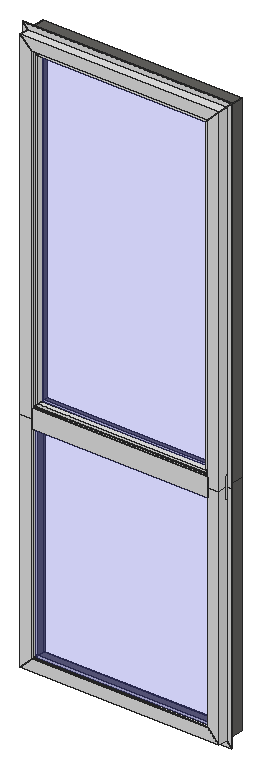
Revit family "511_CA_HR-A_3-875_DBS_Nailfin", category Windows, host Wall, Revit 2019
Family settings
  Host = Wall
  OmniClass Number = 23.30.20.00
  OmniClass Title = Windows
  Always vertical = Yes
  Cut with Voids When Loaded = No
  Shared = No
  Room Calculation Point = No
Parameters (values of type "42x120Max")
  Setback [instance] = 5 3/4"
  Rough Width = 4 1/2"
  Rough Height = 4 1/2"
  MLW4 = 1 / 8 * Width  # 5 1/4"
  MLW3 = 2.811"
  MLW2 = 2 1/2"  # constant formula
  MLW1 = 3.2495"
  MLH = 1 / 2 * Bar Set  # 36"
  MDLW = 20"
  Interior Color [instance] = White
  Height = 120"
  HWB [instance] = no
  HBWidth [instance] = if(HWB, 2", 7" / 16)  # 7/16"
  Exterior Color [instance] = Bronze
  Default Sill Height = 31.49606"
  Wall Closure = By host
  Width = 42"
  Bar Set = 72"
Types (44): name | Setback | MLW4 | MLH | MDLW | Height | Exterior Color | Width | Bar Set
  (no name) | 5 3/4" | 5 1/4" | 36" | 20" | 120" | Bronze | 42" | 72"
  24x48 | 2" | 3" | 18" | 18" | 48" | White | 24" | 36"
  36x60 | 2" | 4 1/2" | 21" | 20" | 60" | White | 36" | 42"
  15.75x31.25Min | 2" | 1 31/32" | 10 1/2" | 20" | 31 1/4" | White | 15 3/4" | 21"
  36x120 | 2" | 4 1/2" | 30" | 20" | 120" | White | 36" | 60"
  24x36 | 2" | 3" | 12" | 18" | 36" | White | 24" | 24"
  24x42 | 2" | 3" | 15" | 18" | 42" | White | 24" | 30"
  24x54 | 2" | 3" | 18" | 18" | 54" | White | 24" | 36"
  24x60 | 2" | 3" | 21" | 18" | 60" | White | 24" | 42"
  24x66 | 2" | 3" | 24" | 18" | 66" | White | 24" | 48"
  24x72 | 2" | 3" | 27" | 18" | 72" | White | 24" | 54"
  24x78 | 2" | 3" | 30" | 18" | 78" | White | 24" | 60"
  30x36 | 2" | 3 3/4" | 12" | 18" | 36" | White | 30" | 24"
  30x42 | 2" | 3 3/4" | 15" | 18" | 42" | White | 30" | 30"
  30x48 | 2" | 3 3/4" | 15" | 18" | 48" | White | 30" | 30"
  30x54 | 2" | 3 3/4" | 18" | 18" | 54" | White | 30" | 36"
  30x60 | 2" | 3 3/4" | 21" | 18" | 60" | White | 30" | 42"
  30x66 | 2" | 3 3/4" | 24" | 18" | 66" | White | 30" | 48"
  30x72 | 2" | 3 3/4" | 27" | 18" | 72" | White | 30" | 54"
  30x78 | 2" | 3 3/4" | 30" | 18" | 78" | White | 30" | 60"
  30x84 | 2" | 3 3/4" | 33" | 18" | 84" | White | 30" | 66"
  30x90 | 2" | 3 3/4" | 36" | 18" | 90" | White | 30" | 72"
  36x42 | 2" | 4 1/2" | 15" | 20" | 42" | White | 36" | 30"
  36x48 | 2" | 4 1/2" | 18" | 20" | 48" | White | 36" | 36"
  36x54 | 2" | 4 1/2" | 21" | 20" | 54" | White | 36" | 42"
  36x66 | 2" | 4 1/2" | 24" | 20" | 66" | White | 36" | 48"
  36x72 | 2" | 4 1/2" | 27" | 20" | 72" | White | 36" | 54"
  36x78 | 2" | 4 1/2" | 30" | 20" | 78" | White | 36" | 60"
  36x84 | 2" | 4 1/2" | 30" | 20" | 84" | White | 36" | 60"
  36x90 | 2" | 4 1/2" | 30" | 20" | 90" | White | 36" | 60"
  36x96 | 2" | 4 1/2" | 30" | 20" | 96" | White | 36" | 60"
  36x102 | 2" | 4 1/2" | 30" | 20" | 102" | White | 36" | 60"
  36x108 | 2" | 4 1/2" | 30" | 20" | 108" | White | 36" | 60"
  36x114 | 2" | 4 1/2" | 30" | 20" | 114" | White | 36" | 60"
  30x96 | 2" | 3 3/4" | 36" | 18" | 96" | White | 30" | 72"
  30x102 | 2" | 3 3/4" | 36" | 18" | 102" | White | 30" | 72"
  24x84 | 2" | 3" | 30" | 18" | 84" | White | 24" | 60"
  24x90 | 2" | 3" | 30" | 18" | 90" | White | 24" | 60"
  18x36 | 2" | 2 1/4" | 12" | 20" | 36" | White | 18" | 24"
  18x42 | 2" | 2 1/4" | 12" | 20" | 42" | White | 18" | 24"
  18x48 | 2" | 2 1/4" | 12" | 20" | 48" | White | 18" | 24"
  18x54 | 2" | 2 1/4" | 15" | 20" | 54" | White | 18" | 30"
  18x60 | 2" | 2 1/4" | 15" | 20" | 60" | White | 18" | 30"
  42x120Max | 5 3/4" | 5 1/4" | 36" | 20" | 120" | Bronze | 42" | 72"
Reference planes (in)
  plane 1 "Center (Front/Back)": y = 0
  plane 2 "Center (Left/Right)": x = 0
  plane 3 "Left": x = -21
  plane 4 "Right": x = 21
  plane 5 "Sill": z = 31.49606
  plane 6 "Head": z = 151.49606
  plane 7 "Exterior": y = 3.93701
  plane 8 "Interior": y = -3.93701
  plane 9 "Front of wall": y = 3.93701
  plane 10 "Bar Set": z = 79.49606
  plane 11: z = 33.55806
  plane 12: z = 89.43645
  plane 13: z = 148.74656
  plane 14: x = -18.938
  plane 15: x = -15.68628
  plane 16: x = 18.2505
  plane 17: x = 18.938
  plane 18 "MLW2": x = 17.7505
  plane 19: x = -18.2505
  plane 20: z = 77.87306
  plane 21: z = 81.80656
  plane 22: x = -17.7505
  plane 23 "Front of glass": y = 4.21901
  plane 24: z = 79.27731
  plane 25: z = 79.71481
  plane 26 "Setback": y = -1.81299
Forms (in)
  Extrusion 1, solid, material "White" <- "Interior Color"
    sketch origin (21, 0, 0) x (0, -1, 0) y (0, 0, 1)
      loop
        line (1.73334, 31.49606) -> (1.73334, 30.37591) -> (1.81299, 30.37591) -> (1.81299, 31.49606) -> (3.84918, 31.49606) -> (3.84918, 33.86083) -> (3.4758, 33.86083) -> (3.4758, 34.04802) -> (3.22638, 34.04802) -> (3.22638, 33.55017) -> (2.48508, 33.55017) -> (2.48508, 34.05136) -> (0.95875, 34.05136) -> (0.95875, 32.14535) -> (-2.12497, 31.92608) -> (-2.12497, 31.49606) -> (1.73334, 31.49606)
    from -1.12015 to 43.12015
  Extrusion 2, solid, material "White" <- "Interior Color"
    sketch origin (21, 0, 0) x (0, -1, 0) y (0, 0, 1)
      loop
        line (1.73463, 151.49606) -> (-2.12368, 151.49606) -> (-2.12368, 151.06604) -> (0.70807, 150.84677) -> (0.70807, 148.88122) -> (0.74792, 148.88122) -> (0.74792, 148.32029) -> (1.52306, 148.32029) -> (1.52306, 148.75668) -> (2.26482, 148.75668) -> (2.26482, 148.25852) -> (3.14906, 148.25852) -> (3.14906, 148.94411) -> (3.47708, 148.94411) -> (3.47708, 149.1313) -> (3.85047, 149.1313) -> (3.85047, 151.49606) -> (1.81299, 151.49606) -> (1.81299, 152.61692) -> (1.73463, 152.61692) -> (1.73463, 151.49606)
    from -1.12086 to 43.12086
  Extrusion 3, solid, material "White" <- "Interior Color"
    sketch origin (0, 0, 79.49606) x (1, 0, 0) y (0, 1, 0)
      loop
        line (21, -1.73463) -> (21, 2.12368) -> (20.56998, 2.12368) -> (20.35071, -0.70807) -> (18.38515, -0.70807) -> (18.38515, -0.74792) -> (17.82423, -0.74792) -> (17.82423, -1.52306) -> (18.26061, -1.52306) -> (18.26061, -2.26482) -> (17.76245, -2.26482) -> (17.76245, -3.14906) -> (18.44804, -3.14906) -> (18.44804, -3.47708) -> (18.63523, -3.47708) -> (18.63523, -3.85047) -> (21, -3.85047) -> (21, -1.81299) -> (22.12086, -1.81299) -> (22.12086, -1.73463) -> (21, -1.73463)
    from 0 to 73.12086
  Extrusion 4, solid, material "White" <- "Interior Color"
    sketch origin (0, 0, 31.49606) x (0, -1, 0) y (1, 0, 0)
      loop
        line (1.73334, -21) -> (1.73334, -22.12015) -> (1.81299, -22.12015) -> (1.81299, -21) -> (3.84918, -21) -> (3.84918, -18.63523) -> (3.4758, -18.63523) -> (3.4758, -18.44804) -> (3.22638, -18.44804) -> (3.22638, -18.94589) -> (2.48508, -18.94589) -> (2.48508, -18.4447) -> (0.95875, -18.4447) -> (0.95875, -20.35071) -> (-2.12497, -20.56998) -> (-2.12497, -21) -> (1.73334, -21)
    from -1.12015 to 48
  Extrusion 5, solid, material "White" <- "Interior Color"
    sketch origin (0, 0, 31.49606) x (0, -1, 0) y (1, 0, 0)
      loop
        line (1.73334, 21) -> (-2.12497, 21) -> (-2.12497, 20.56998) -> (0.95875, 20.35071) -> (0.95875, 18.4447) -> (2.48508, 18.4447) -> (2.48508, 18.94589) -> (3.22638, 18.94589) -> (3.22638, 18.44804) -> (3.4758, 18.44804) -> (3.4758, 18.63523) -> (3.84918, 18.63523) -> (3.84918, 21) -> (1.81299, 21) -> (1.81299, 22.12015) -> (1.73334, 22.12015) -> (1.73334, 21)
    from -1.12015 to 48
  Sweep 6, void
    path in 3D
      loop
        line (16.65964, 3.49338, 151.49606) -> (16.65964, -1.81299, 151.49606)
    profile origin (16.65964, 0.84019, 151.49606) x (1, 0, 0) y (0, 0, 1)
      loop
        line (5.74842, 1.40806) -> (0.58224, 1.40806) -> (0.58224, -3.17577) -> (1.72552, -3.17577) -> (1.72552, -2.61485) -> (5.74842, 1.40806)
  Sweep 7, void
    path in 3D
      loop
        line (16.65964, 3.49338, 151.49606) -> (16.65964, -1.81299, 151.49606)
    profile origin (16.65964, 0.84019, 151.49606) x (1, 0, 0) y (0, 0, 1)
      loop
        line (1.72552, -2.61485) -> (1.72552, -3.72273) -> (5.86891, -3.72273) -> (5.86891, 1.52855) -> (1.72552, -2.61485)
  Sweep 8, void
    path in 3D
      loop
        line (17.89445, 3.13043, 79.49606) -> (17.89445, -1.81299, 79.49606)
    profile origin (17.89445, 0.65872, 79.49606) x (1, 0, 0) y (0, 0, 1)
      loop
        line (-0.96264, 2.7495) -> (-0.96264, -2.12731) -> (2.45626, -2.12731) -> (2.45626, 0.22146) -> (0.49071, 2.18701) -> (0.49071, 2.7495) -> (-0.96264, 2.7495)
  Sweep 9, void
    path in 3D
      loop
        line (-16.10379, 3.00385, 31.49606) -> (-16.10379, -1.81299, 31.49606)
    profile origin (-16.10379, 0.59543, 31.49606) x (1, 0, 0) y (0, 0, 1)
      loop
        line (-6.25297, -1.35676) -> (-1.915, -1.35676) -> (-1.915, 2.5553) -> (-4.24692, 2.5553) -> (-4.24692, 0.64929) -> (-6.25297, -1.35676)
  Sweep 10, void
    path in 3D
      loop
        line (17.14445, 3.35453, 31.49606) -> (17.14445, -1.81299, 31.49606)
    profile origin (17.14445, 0.77077, 31.49606) x (1, 0, 0) y (0, 0, 1)
      loop
        line (0.84583, 2.5553) -> (0.84583, -1.24027) -> (5.09583, -1.24027) -> (3.20626, 0.64929) -> (3.20626, 2.5553) -> (0.84583, 2.5553)
  Sweep 11, void
    path in 3D
      loop
        line (17.14445, 3.35453, 31.49606) -> (17.14445, -1.81299, 31.49606)
    profile origin (17.14445, 0.77077, 31.49606) x (1, 0, 0) y (0, 0, 1)
      loop
        line (3.20626, 3.06535) -> (3.20626, 0.64929) -> (5.40868, -1.55313) -> (5.40868, 3.06535) -> (3.20626, 3.06535)
  Extrusion 12, void
    sketch origin (0, 3.93701, 0) x (1, 0, 0) y (0, 0, 1)
      loop
        line (22.67949, 153.17555) -> (18.63523, 149.1313) -> (18.63523, 148.94411) -> (18.44804, 148.94411) -> (17.42408, 147.92014) -> (22.67949, 147.92014) -> (22.67949, 153.17555)
    from 5.75 to 10.52656
  Extrusion 13, void
    sketch origin (0, 3.93701, 0) x (1, 0, 0) y (0, 0, 1)
      loop
        line (23, 153.49606) -> (17.125, 153.49606) -> (17.125, 147.62106) -> (18.44804, 148.94411) -> (18.63523, 148.94411) -> (18.63523, 149.1313) -> (23, 153.49606)
    from 5.75 to 11.28264
  Extrusion 14, void
    sketch origin (0, 3.93701, 0) x (1, 0, 0) y (0, 0, 1)
      loop
        line (18.63523, 34.25889) -> (18.63523, 33.86083) -> (22.55313, 29.94293) -> (22.55313, 34.25889) -> (18.63523, 34.25889)
    from 9.28346 to 5.75
  Extrusion 15, void
    sketch origin (0, 3.93701, 0) x (1, 0, 0) y (0, 0, 1)
      loop
        line (18.63523, 33.86083) -> (18.63523, 34.04802) -> (17.875, 34.04802) -> (17.875, 29.7824) -> (22.71366, 29.7824) -> (18.63523, 33.86083)
    from 10.42488 to 5.75
  Extrusion 16, void
    sketch origin (0, 3.93701, 0) x (1, 0, 0) y (0, 0, 1)
      loop
        line (-18.00903, 34.04802) -> (-18.63523, 34.04802) -> (-18.63523, 33.86083) -> (-22.35676, 30.13931) -> (-18.00903, 30.13931) -> (-18.00903, 34.04802)
    from 9.9358 to 5.75
  Extrusion 17, solid, material "Glass"
    sketch origin (0, 0, 79.49606) x (1, 0, 0) y (0, 1, 0)
      loop
        line (-18.2505, -1.52306) -> (-18.2505, -2.26482) -> (18.2505, -2.26482) -> (18.2505, -1.52306) -> (-18.2505, -1.52306)
    from 2.3105 to 69.2505
  Extrusion 18, solid, material "Glass"
    sketch origin (0, 0, 31.49606) x (0, -1, 0) y (1, 0, 0)
      loop
        line (2.48508, 18.938) -> (2.48508, -18.938) -> (3.22638, -18.938) -> (3.22638, 18.938) -> (2.48508, 18.938)
    from 2.062 to 46.377
  Extrusion 19, solid, material "White" <- "Interior Color"
    sketch origin (0, 0, 79.49606) x (1, 0, 0) y (0, 1, 0)
      loop
        line (-21, -1.73463) -> (-22.12086, -1.73463) -> (-22.12086, -1.81299) -> (-21, -1.81299) -> (-21, -3.85047) -> (-18.63523, -3.85047) -> (-18.63523, -3.47708) -> (-18.44804, -3.47708) -> (-18.44804, -3.14906) -> (-17.76245, -3.14906) -> (-17.76245, -2.26482) -> (-18.26061, -2.26482) -> (-18.26061, -1.52306) -> (-17.82423, -1.52306) -> (-17.82423, -0.74792) -> (-18.38515, -0.74792) -> (-18.38515, -0.70807) -> (-20.35071, -0.70807) -> (-20.56998, 2.12368) -> (-21, 2.12368) -> (-21, -1.73463)
    from 0 to 73.12086
  Extrusion 20, solid, material "White" <- "Interior Color"
    sketch origin (0, 0, 0) x (0, -1, 0) y (0, 0, 1)
      loop
        line (3.4758, 77.55906) -> (3.84918, 77.55906) -> (3.84918, 81.43306) -> (3.47708, 81.43306) -> (3.47708, 81.62106) -> (3.14906, 81.62106) -> (3.14906, 82.30756) -> (2.26482, 82.30756) -> (2.26482, 81.80656) -> (1.52306, 81.80656) -> (1.52306, 82.24556) -> (0.74792, 82.24556) -> (0.74792, 81.68307) -> (0.70807, 81.68307) -> (0.70807, 79.67544) -> (0.43508, 79.6375) -> (0.43508, 79.35463) -> (0.95875, 79.27731) -> (0.95875, 77.36876) -> (2.48508, 77.36876) -> (2.48508, 77.87306) -> (3.22638, 77.87306) -> (3.22638, 77.36876) -> (3.4758, 77.36876) -> (3.4758, 77.55906)
    from -21 to 21
  Sweep 21, void
    path in 3D
      loop
        line (-16.92648, 3.18799, 151.49606) -> (-16.92648, -1.81299, 151.49606)
    profile origin (-16.92648, 0.6875, 151.49606) x (1, 0, 0) y (0, 0, 1)
      loop
        line (-5.38592, 1.31241) -> (-1.45867, -2.61485) -> (-1.45867, -3.17577) -> (-0.61725, -3.17577) -> (-0.61725, 1.31241) -> (-5.38592, 1.31241)
  Sweep 22, void
    path in 3D
      loop
        line (-16.92648, 3.18799, 151.49606) -> (-16.92648, -1.81299, 151.49606)
    profile origin (-16.92648, 0.6875, 151.49606) x (1, 0, 0) y (0, 0, 1)
      loop
        line (-5.69902, 1.6255) -> (-5.69902, -3.48327) -> (-1.45867, -3.48327) -> (-1.45867, -2.61485) -> (-5.69902, 1.6255)
  Sweep 23, void
    path in 3D
      loop
        line (-15.04638, 2.80906, 79.49606) -> (-15.04638, -1.81299, 79.49606)
    profile origin (-15.04638, 0.49804, 79.49606) x (1, 0, 0) y (0, 0, 1)
      loop
        line (-5.30433, 0.22146) -> (-3.33878, 2.18701) -> (-3.33878, 3.20845) -> (-6.46129, 3.20845) -> (-6.46129, -2.35857) -> (-5.30433, -2.35857) -> (-5.30433, 0.22146)
  Sweep 24, void
    path in 3D
      loop
        line (-15.04638, 2.80906, 79.49606) -> (-15.04638, -1.81299, 79.49606)
    profile origin (-15.04638, 0.49804, 79.49606) x (1, 0, 0) y (0, 0, 1)
      loop
        line (-5.30433, 0.22146) -> (-5.30433, -2.12731) -> (-2.20345, -2.12731) -> (-2.20345, 2.7495) -> (-3.33878, 2.7495) -> (-3.33878, 2.18701) -> (-5.30433, 0.22146)
  Sweep 25, void
    path in 3D
      loop
        line (17.89445, 3.13043, 79.49606) -> (17.89445, -1.81299, 79.49606)
    profile origin (17.89445, 0.65872, 79.49606) x (1, 0, 0) y (0, 0, 1)
      loop
        line (0.49071, 2.18701) -> (2.67553, 0.00219) -> (2.67553, -2.5) -> (4.66806, -2.5) -> (4.66806, 3.43701) -> (0.49071, 3.43701) -> (0.49071, 2.18701)
  Sweep 26, void
    path in 3D
      loop
        line (-16.10379, 3.00385, 31.49606) -> (-16.10379, -1.81299, 31.49606)
    profile origin (-16.10379, 0.59543, 31.49606) x (1, 0, 0) y (0, 0, 1)
      loop
        line (-6.56669, -1.67048) -> (-4.24692, 0.64929) -> (-4.24692, 4.15387) -> (-6.56669, 4.15387) -> (-6.56669, -1.67048)
  Extrusion 27, void
    sketch origin (0, 3.93701, 0) x (1, 0, 0) y (0, 0, 1)
      loop
        line (-18.63523, 34.87612) -> (-23.99123, 34.87612) -> (-23.99123, 28.50483) -> (-18.63523, 33.86083) -> (-18.63523, 34.87612)
    from 9.28346 to 5.75
  Extrusion 28, void
    sketch origin (0, 3.93701, 0) x (1, 0, 0) y (0, 0, 1)
      loop
        line (18.44804, 82.96854) -> (18.44804, 81.62106) -> (18.63523, 81.62106) -> (18.63523, 76.78213) -> (21.875, 76.78213) -> (21.875, 82.96854) -> (18.44804, 82.96854)
    from 9.72786 to 5.98366
  Extrusion 29, void
    sketch origin (0, 3.93701, 0) x (1, 0, 0) y (0, 0, 1)
      loop
        line (17.03638, 77.36876) -> (18.63523, 77.36876) -> (18.63523, 81.62106) -> (17.03638, 81.62106) -> (17.03638, 77.36876)
    from 11.58111 to 5.98366
  Extrusion 30, void
    sketch origin (0, 3.93701, 0) x (1, 0, 0) y (0, 0, 1)
      loop
        line (-18.63523, 81.62106) -> (-18.44804, 81.62106) -> (-17.61469, 82.45442) -> (-21.54638, 82.45442) -> (-21.54638, 76.7948) -> (-18.63523, 76.7948) -> (-18.63523, 81.62106)
    from 9.50727 to 5.97693
  Extrusion 31, void
    sketch origin (0, 3.93701, 0) x (1, 0, 0) y (0, 0, 1)
      loop
        line (-17.125, 77.36876) -> (-17.125, 81.62106) -> (-18.63523, 81.62106) -> (-18.63523, 77.36876) -> (-17.125, 77.36876)
    from 8.2448 to 5.97693
  Extrusion 32, void
    sketch origin (0, 3.93701, 0) x (1, 0, 0) y (0, 0, 1)
      loop
        line (-17.08278, 82.98633) -> (-18.44804, 81.62106) -> (-17.08278, 81.62106) -> (-17.08278, 82.98633)
    from 8.92395 to 5.97693
  Extrusion 33, void
    sketch origin (0, 3.93701, 0) x (1, 0, 0) y (0, 0, 1)
      loop
        line (-18.44804, 148.94411) -> (-16.92648, 147.42255) -> (-16.92648, 153.13663) -> (-22.64057, 153.13663) -> (-18.63523, 149.1313) -> (-18.63523, 148.94411) -> (-18.44804, 148.94411)
    from 5.75 to 9.9503
  Extrusion 34, void
    sketch origin (0, 3.93701, 0) x (1, 0, 0) y (0, 0, 1)
      loop
        line (-22.99016, 153.48622) -> (-22.99016, 147.65879) -> (-17.16273, 147.65879) -> (-18.44804, 148.94411) -> (-18.63523, 148.94411) -> (-18.63523, 149.1313) -> (-22.99016, 153.48622)
    from 11.74159 to 5.75
  Extrusion 35, void
    sketch origin (0, 3.93701, 0) x (1, 0, 0) y (0, 0, 1)
      loop
        line (18.44804, 81.62106) -> (17.22114, 82.84796) -> (17.22114, 81.62106) -> (18.44804, 81.62106)
    from 11.00458 to 5.98366
  Extrusion 36, void
    sketch origin (0, 3.93701, 0) x (1, 0, 0) y (0, 0, 1)
      loop
        line (18.44804, 81.62106) -> (18.63523, 81.62106) -> (18.63523, 82.8585) -> (17.21061, 82.8585) -> (18.44804, 81.62106)
    from 8.21873 to 5.98366
Cuts and joins
  Sweep 6, Sweep 8, Extrusion 13, Extrusion 29, Extrusion 35 cuts Extrusion 3
  Sweep 7, Extrusion 12, Sweep 22, Extrusion 34 cuts Extrusion 2
  Sweep 8, Sweep 10, Extrusion 15, Extrusion 29 cuts Extrusion 5
  Sweep 9, Extrusion 16, Sweep 24, Extrusion 31 cuts Extrusion 4
  Sweep 11, Extrusion 14, Sweep 26, Extrusion 27 cuts Extrusion 1
  Sweep 21, Sweep 24, Extrusion 31, Extrusion 32, Extrusion 33 cuts Extrusion 19
  Sweep 23, Sweep 25, Extrusion 28, Extrusion 30, Extrusion 36 cuts Extrusion 20
Lines and regions (in)
  Opening 1
    outline origin (137.79528, -3.93701, 0) x (1, 0, 0) y (0, 0, 1)
      loop
        line (-116.79528, 31.49606) -> (-116.79528, 151.49606) -> (-158.79528, 151.49606) -> (-158.79528, 31.49606) -> (-116.79528, 31.49606)
  model lines
    curve 1: line (-18.938, 2.51251, 31.49606) -> (0.312, 2.51251, 31.49606)
    curve 2: line (0.312, 2.51251, 31.49606) -> (19.812, 2.51251, 31.49606)
    curve 23: line (17.7505, -1.81299, 82.21481) -> (-17.7505, -1.81299, 115.49606)
    curve 24: line (-17.7505, -1.81299, 115.49606) -> (17.7505, -1.81299, 148.24656)
    curve 29: line (2.5, -1.81299, 57.99606) -> (-2.5, -1.81299, 52.99606)
    curve 30: line (-2.5, -1.81299, 55.49606) -> (0, -1.81299, 57.99606)
    curve 31: line (0, -1.81299, 52.99606) -> (2.5, -1.81299, 55.49606)
  reference lines
    curve 3: line (-16.92648, 3.18799, 151.49606) -> (-16.92648, -1.81299, 151.49606)
    curve 4: line (-16.10379, 3.00385, 31.49606) -> (-16.10379, -1.81299, 31.49606)
    curve 5: line (-15.04638, 2.80906, 79.49606) -> (-15.04638, -1.81299, 79.49606)
    curve 6: line (16.65964, 3.49338, 151.49606) -> (16.65964, -1.81299, 151.49606)
    curve 7: line (17.14445, 3.35453, 31.49606) -> (17.14445, -1.81299, 31.49606)
    curve 8: line (17.89445, 3.13043, 79.49606) -> (17.89445, -1.81299, 79.49606)
    curve 21: line (17.7505, 3.93701, 148.24656) -> (-17.7505, 3.93701, 115.49606)
    curve 22: line (-17.7505, 3.93701, 115.49606) -> (17.7505, 3.93701, 82.21481)
    curve 25: line (2.5, 3.93701, 57.99606) -> (-2.5, 3.93701, 57.99606)
    curve 26: line (2.5, 3.93701, 52.99606) -> (2.5, 3.93701, 57.99606)
    curve 27: line (-2.5, 3.93701, 52.99606) -> (2.5, 3.93701, 52.99606)
    curve 28: line (-2.5, 3.93701, 57.99606) -> (-2.5, 3.93701, 52.99606)
    curve 32: line (0, 3.93701, 52.99606) -> (0, 3.93701, 59.49606)
    curve 33: line (2.5, 3.93701, 55.49606) -> (-1.92499, 3.93701, 55.49606)
    curve 36: line (2.5, 0, 57.99606) -> (-2.5, 0, 57.99606)
    curve 37: line (2.5, 0, 52.99606) -> (2.5, 0, 57.99606)
    curve 38: line (-2.5, 0, 52.99606) -> (2.5, 0, 52.99606)
    curve 39: line (-2.5, 0, 57.99606) -> (-2.5, 0, 52.99606)
    curve 40: line (0, 0, 52.99606) -> (0, 0, 60.49606)
    curve 41: line (2.5, 0, 55.49606) -> (-4.5, 0, 55.49606)
  sketch lines
    curve 9: line (16.65964, 3.49338, 151.49606) -> (16.65964, -1.81299, 151.49606)
    curve 10: line (16.65964, 3.49338, 151.49606) -> (16.65964, -1.81299, 151.49606)
    curve 11: line (17.89445, 3.13043, 79.49606) -> (17.89445, -1.81299, 79.49606)
    curve 12: line (-16.10379, 3.00385, 31.49606) -> (-16.10379, -1.81299, 31.49606)
    curve 13: line (17.14445, 3.35453, 31.49606) -> (17.14445, -1.81299, 31.49606)
    curve 14: line (17.14445, 3.35453, 31.49606) -> (17.14445, -1.81299, 31.49606)
    curve 15: line (-16.92648, 3.18799, 151.49606) -> (-16.92648, -1.81299, 151.49606)
    curve 16: line (-16.92648, 3.18799, 151.49606) -> (-16.92648, -1.81299, 151.49606)
    curve 17: line (-15.04638, 2.80906, 79.49606) -> (-15.04638, -1.81299, 79.49606)
    curve 18: line (-15.04638, 2.80906, 79.49606) -> (-15.04638, -1.81299, 79.49606)
    curve 19: line (17.89445, 3.13043, 79.49606) -> (17.89445, -1.81299, 79.49606)
    curve 20: line (-16.10379, 3.00385, 31.49606) -> (-16.10379, -1.81299, 31.49606)
  symbolic lines
    curve 34: line (17.7505, 3.93701, 148.24656) -> (-17.7505, 3.93701, 115.49606)
    curve 35: line (-17.7505, 3.93701, 115.49606) -> (17.7505, 3.93701, 82.21481)
    curve 42: line (0, 0, 52.99606) -> (2.5, 0, 55.49606)
    curve 43: line (0, 0, 57.99606) -> (-2.5, 0, 55.49606)
    curve 44: line (-2.5, 0, 52.99606) -> (2.5, 0, 57.99606)
Text (in)
  text "EXTERIOR" at (-77.29147, 52.45485, 0), in view "Ref. Level"
  text "INTERIOR" at (-78.01048, -32.21994, 0), in view "Ref. Level"
  text "Exterior" at (0, 36.36817, 115.8778), in view "Right"
  text "Exterior" at (0, 40.96394, 105.72475), in view "Left"
Dimensions and locks (in)
  equal spacing: plane 3 "Left", plane 2 "Center (Left/Right)", plane 4 "Right"
  "Width": plane 3 "Left" to plane 4 "Right"
  "Height": plane 5 "Sill" to plane 6 "Head"
  "Default Sill Height": plane 5 "Sill" to level
  locked: plane 7 "Exterior" to host wall at 0
  locked: plane 8 "Interior" to host wall
  "Bar Set": plane 10 "Bar Set" to plane 6 "Head"
  locked: plane 13 to plane 6 "Head" at 2.7495
  locked: plane 16 to plane 4 "Right" at 2.7495
  locked: plane 3 "Left" to plane 14 at 2.062
  locked: plane 17 to plane 4 "Right" at 2.062
  "MLW1": plane 18 "MLW2" to plane 4 "Right"
  locked: plane 3 "Left" to plane 19 at 2.7495
  "MLW1": plane 3 "Left" to plane 22
  "MLH": plane 10 "Bar Set" to curve 21
  "MLH": curve 22 to plane 6 "Head"
  "MLW1": curve 21 to plane 6 "Head"
  locked: Extrusion 34 sketch curve to plane 3 "Left" at 1.99016
  locked: Extrusion 27 sketch curve to plane 3 "Left" at 2.99123
  locked: plane 23 "Front of glass" to plane 9 "Front of wall" at 0.282
  plane 5 "Sill" to plane 10 "Bar Set" = 48"
  plane 3 "Left" to plane 4 "Right" = 42"
  equal spacing: curve 30, curve 29, curve 31
  locked: curve 26 to curve 28 at 5
  locked: curve 27 to curve 25 at 5
  equal spacing: curve 28, curve 32, curve 26
  equal spacing: curve 27, curve 33, curve 25
  equal spacing: plane 5 "Sill", curve 33, plane 10 "Bar Set"
  equal spacing: plane 3 "Left", curve 32, plane 4 "Right"
  locked: curve 37 to curve 39 at 5
  locked: curve 38 to curve 36 at 5
  equal spacing: curve 39, curve 40, curve 37
  equal spacing: curve 38, curve 41, curve 36
  locked: curve 39 to curve 43 at 2.5
  locked: curve 39 to curve 42 at 2.5
  locked: curve 42 to curve 38 at 2.5
  locked: curve 43 to curve 38 at 2.5
  locked: curve 37 to curve 44 at 5
  equal spacing: plane 10 "Bar Set", curve 41, plane 5 "Sill"
  equal spacing: plane 3 "Left", curve 40, plane 4 "Right"
  equal spacing: plane 24, plane 10 "Bar Set", plane 25
  "HBWidth": plane 24 to plane 25
  locked: plane 20 to plane 24 at 1.40425
  locked: plane 21 to plane 25 at 2.09175
  locked: plane 24 to Extrusion 20 sketch curve at 0.07732
  locked: plane 25 to Extrusion 20 sketch curve at 0.07732
  locked: plane 25 to Extrusion 20 sketch curve at 0.03937
  locked: Extrusion 20 sketch curve to plane 25 at 1.96826
  locked: Extrusion 20 sketch curve to plane 25 at 2.53075
  locked: Extrusion 20 sketch curve to plane 25 at 2.59275
  locked: Extrusion 20 sketch curve to plane 25 at 1.90625
  locked: Extrusion 20 sketch curve to plane 24 at 1.90856  (x2)
  locked: Extrusion 20 sketch curve to plane 24 at 1.71825
  locked: Extrusion 20 sketch curve to plane 25 at 1.71825  (x2)
  locked: plane 4 "Right" to Sweep 25 sketch curve at 1.56251
  locked: Sweep 25 sketch curve to plane 4 "Right" at 2.61485
  locked: Sweep 25 sketch curve to plane 4 "Right" at 0.43002
  locked: plane 25 to Sweep 25 sketch curve at 1.96826
  locked: plane 25 to Sweep 25 sketch curve at 3.21826
  locked: Sweep 25 sketch curve to plane 24 at 2.28125
  locked: Sweep 8 sketch curve to plane 4 "Right" at 4.06819
  locked: Sweep 8 sketch curve to plane 4 "Right" at 2.61485
  locked: Sweep 8 sketch curve to plane 4 "Right" at 0.64929
  locked: plane 3 "Left" to Sweep 24 sketch curve at 3.75017
  locked: plane 3 "Left" to Sweep 24 sketch curve at 2.61485
  locked: plane 25 to Sweep 23 sketch curve at 2.9897
  locked: plane 25 to Sweep 23 sketch curve at 1.96826
  locked: plane 25 to Sweep 23 sketch curve at 0.00271
  locked: Sweep 23 sketch curve to plane 24 at 2.13982
  locked: Sweep 23 sketch curve to plane 3 "Left" at 0.50767
  locked: plane 3 "Left" to Sweep 23 sketch curve at 2.61485
  locked: plane 3 "Left" to Sweep 23 sketch curve at 0.64929
  locked: Extrusion 29 sketch curve to plane 25 at 1.90625
  locked: plane 24 to Extrusion 29 sketch curve at 1.90856
  locked: Extrusion 29 sketch curve to plane 4 "Right" at 2.36477
  locked: Extrusion 28 sketch curve to plane 25 at 3.25373
  locked: plane 24 to Extrusion 28 sketch curve at 2.49519
  locked: Extrusion 28 sketch curve to plane 25 at 1.90625
  locked: Extrusion 30 sketch curve to plane 25 at 2.7396
  locked: Extrusion 30 sketch curve to plane 25 at 1.90625
  locked: plane 24 to Extrusion 30 sketch curve at 2.48251
  locked: Extrusion 30 sketch curve to plane 3 "Left" at 0.54638
  locked: plane 3 "Left" to Extrusion 30 sketch curve at 3.38531
  locked: plane 3 "Left" to Extrusion 30 sketch curve at 2.55196
  locked: plane 3 "Left" to Extrusion 30 sketch curve at 2.36477
  locked: Extrusion 32 sketch curve to plane 25 at 1.90625
  locked: plane 3 "Left" to Extrusion 32 sketch curve at 3.91722  (x2)
  locked: plane 3 "Left" to Extrusion 32 sketch curve at 2.55196
  locked: Extrusion 31 sketch curve to plane 25 at 1.90625
  locked: plane 24 to Extrusion 31 sketch curve at 1.90856
  locked: plane 3 "Left" to Extrusion 31 sketch curve at 3.875
  locked: plane 3 "Left" to Extrusion 31 sketch curve at 2.36477
  Extrusion 29 to curve 22 = 0.88473"
  locked: Extrusion 29 sketch curve to plane 4 "Right" at 3.96362
  locked: Extrusion 28 sketch curve to plane 4 "Right" at 2.55196
  locked: plane 4 "Right" to Extrusion 28 sketch curve at 0.875
  locked: Extrusion 28 sketch curve to plane 4 "Right" at 2.36477
  Extrusion 36 sketch curve to plane 4 "Right" = 2.36477"
  locked: Extrusion 36 sketch curve to plane 4 "Right" at 2.55196
  locked: Extrusion 36 sketch curve to plane 4 "Right" at 3.78939
  locked: Extrusion 36 sketch curve to plane 25 at 1.90625
  locked: Extrusion 36 sketch curve to plane 25 at 3.14369
  Extrusion 35 sketch curve to plane 25 = 1 29/32"
  locked: Extrusion 35 sketch curve to plane 4 "Right" at 2.55196
  locked: Extrusion 35 sketch curve to plane 4 "Right" at 3.77886
  locked: plane 25 to Sweep 8 sketch curve at 2.53075
  locked: plane 25 to Sweep 8 sketch curve at 1.96826
  locked: Sweep 8 sketch curve to plane 24 at 1.90856
  locked: Sweep 24 sketch curve to plane 24 at 1.90856
  locked: plane 25 to Sweep 24 sketch curve at 1.96826
  locked: plane 25 to Sweep 24 sketch curve at 2.53075
  locked: Sweep 25 sketch curve to plane 25 at 0.21656
  "MLW2": plane 25 to curve 22
  "Setback": plane 26 "Setback" to plane 9 "Front of wall"
  locked: Extrusion 3 sketch curve to plane 4 "Right" at 0.43002
  locked: Extrusion 3 sketch curve to plane 4 "Right" at 0.64929
  locked: Extrusion 3 sketch curve to plane 4 "Right" at 2.61485
  locked: Extrusion 3 sketch curve to plane 4 "Right" at 3.17577
  locked: Extrusion 3 sketch curve to plane 4 "Right" at 2.73939
  locked: Extrusion 3 sketch curve to plane 4 "Right" at 3.23755
  locked: Extrusion 3 sketch curve to plane 4 "Right" at 2.55196
  locked: Extrusion 3 sketch curve to plane 4 "Right" at 2.36477
  locked: plane 4 "Right" to Extrusion 3 sketch curve at 1.12086
  locked: Extrusion 3 sketch curve to plane 26 "Setback" at 0.07837
  locked: Extrusion 3 sketch curve to plane 26 "Setback" at 3.93667
  locked: Extrusion 3 sketch curve to plane 26 "Setback" at 1.10492
  locked: Extrusion 3 sketch curve to plane 26 "Setback" at 1.06507
  locked: Extrusion 3 sketch curve to plane 26 "Setback" at 0.28993
  locked: plane 26 "Setback" to Extrusion 3 sketch curve at 0.45183
  locked: plane 26 "Setback" to Extrusion 3 sketch curve at 1.33607
  locked: plane 26 "Setback" to Extrusion 3 sketch curve at 1.66409
  locked: plane 26 "Setback" to Extrusion 3 sketch curve at 2.03748
  locked: Extrusion 19 sketch curve to plane 26 "Setback" at 0.07837
  locked: Extrusion 19 sketch curve to plane 26 "Setback" at 3.93667
  locked: Extrusion 19 sketch curve to plane 26 "Setback" at 1.10492
  locked: Extrusion 19 sketch curve to plane 26 "Setback" at 1.06507
  locked: Extrusion 19 sketch curve to plane 26 "Setback" at 0.28993
  locked: plane 26 "Setback" to Extrusion 19 sketch curve at 0.45183
  locked: plane 26 "Setback" to Extrusion 19 sketch curve at 1.33607
  locked: plane 26 "Setback" to Extrusion 19 sketch curve at 1.66409
  locked: plane 26 "Setback" to Extrusion 19 sketch curve at 2.03748
  locked: Extrusion 19 sketch curve to plane 3 "Left" at 1.12086
  locked: plane 3 "Left" to Extrusion 19 sketch curve at 0.43002
  locked: plane 3 "Left" to Extrusion 19 sketch curve at 0.64929
  locked: plane 3 "Left" to Extrusion 19 sketch curve at 2.61485
  locked: plane 3 "Left" to Extrusion 19 sketch curve at 3.17577
  locked: plane 3 "Left" to Extrusion 19 sketch curve at 2.73939
  locked: plane 3 "Left" to Extrusion 19 sketch curve at 3.23755
  locked: plane 3 "Left" to Extrusion 19 sketch curve at 2.55196
  locked: plane 3 "Left" to Extrusion 19 sketch curve at 2.36477
  locked: Extrusion 5 sketch curve to plane 4 "Right" at 0.43002
  locked: plane 4 "Right" to Extrusion 5 sketch curve at 1.12015
  locked: Extrusion 5 sketch curve to plane 4 "Right" at 0.64929
  locked: Extrusion 5 sketch curve to plane 4 "Right" at 2.5553
  locked: Extrusion 5 sketch curve to plane 4 "Right" at 2.05411
  locked: Extrusion 5 sketch curve to plane 4 "Right" at 2.55196
  locked: Extrusion 5 sketch curve to plane 4 "Right" at 2.36477
  locked: plane 26 "Setback" to Extrusion 5 sketch curve at 2.03619
  locked: plane 26 "Setback" to Extrusion 5 sketch curve at 1.6628
  locked: plane 26 "Setback" to Extrusion 5 sketch curve at 1.41338
  locked: Extrusion 5 sketch curve to plane 26 "Setback" at 0.07966
  locked: Extrusion 5 sketch curve to plane 26 "Setback" at 0.85425
  locked: Extrusion 5 sketch curve to plane 26 "Setback" at 3.93796
  locked: Extrusion 4 sketch curve to plane 26 "Setback" at 0.07966
  locked: Extrusion 4 sketch curve to plane 26 "Setback" at 0.85425
  locked: Extrusion 4 sketch curve to plane 26 "Setback" at 3.93796
  locked: plane 26 "Setback" to Extrusion 4 sketch curve at 0.67209
  locked: plane 26 "Setback" to Extrusion 4 sketch curve at 1.41338
  locked: plane 26 "Setback" to Extrusion 4 sketch curve at 1.6628
  locked: plane 26 "Setback" to Extrusion 4 sketch curve at 2.03619
  locked: Extrusion 4 sketch curve to plane 3 "Left" at 1.12015
  locked: plane 3 "Left" to Extrusion 4 sketch curve at 0.43002
  locked: plane 3 "Left" to Extrusion 4 sketch curve at 0.64929
  locked: plane 3 "Left" to Extrusion 4 sketch curve at 2.5553
  locked: plane 3 "Left" to Extrusion 4 sketch curve at 2.05411
  locked: plane 3 "Left" to Extrusion 4 sketch curve at 2.55196
  locked: plane 3 "Left" to Extrusion 4 sketch curve at 2.36477
  locked: Extrusion 2 sketch curve to plane 26 "Setback" at 0.07837
  locked: Extrusion 2 sketch curve to plane 26 "Setback" at 3.93667
  locked: plane 26 "Setback" to Extrusion 2 sketch curve at 2.03748
  locked: Extrusion 2 sketch curve to plane 26 "Setback" at 1.10492
  locked: Extrusion 2 sketch curve to plane 26 "Setback" at 1.06507
  locked: Extrusion 2 sketch curve to plane 26 "Setback" at 0.28993
  locked: plane 26 "Setback" to Extrusion 2 sketch curve at 0.45183
  locked: plane 26 "Setback" to Extrusion 2 sketch curve at 1.33607
  locked: plane 26 "Setback" to Extrusion 2 sketch curve at 1.66409
  locked: plane 6 "Head" to Extrusion 2 sketch curve at 1.12086
  locked: Extrusion 2 sketch curve to plane 6 "Head" at 0.43002
  locked: Extrusion 2 sketch curve to plane 6 "Head" at 0.64929
  locked: Extrusion 2 sketch curve to plane 6 "Head" at 2.61485
  locked: Extrusion 2 sketch curve to plane 6 "Head" at 3.17577
  locked: Extrusion 2 sketch curve to plane 6 "Head" at 2.73939
  locked: Extrusion 2 sketch curve to plane 6 "Head" at 3.23755
  locked: Extrusion 2 sketch curve to plane 6 "Head" at 2.55196
  locked: Extrusion 2 sketch curve to plane 6 "Head" at 2.36477
  locked: plane 5 "Sill" to Extrusion 1 sketch curve at 0.43002
  locked: plane 5 "Sill" to Extrusion 1 sketch curve at 0.64929
  locked: Extrusion 1 sketch curve to plane 5 "Sill" at 1.12015
  locked: plane 5 "Sill" to Extrusion 1 sketch curve at 2.5553
  locked: plane 5 "Sill" to Extrusion 1 sketch curve at 2.05411
  locked: plane 5 "Sill" to Extrusion 1 sketch curve at 2.55196
  locked: plane 5 "Sill" to Extrusion 1 sketch curve at 2.36477
  locked: Extrusion 1 sketch curve to plane 26 "Setback" at 0.07966
  locked: Extrusion 1 sketch curve to plane 26 "Setback" at 0.85425
  locked: Extrusion 1 sketch curve to plane 26 "Setback" at 3.93796
  locked: plane 26 "Setback" to Extrusion 1 sketch curve at 0.67209
  locked: plane 26 "Setback" to Extrusion 1 sketch curve at 1.41338
  locked: plane 26 "Setback" to Extrusion 1 sketch curve at 1.6628
  locked: plane 26 "Setback" to Extrusion 1 sketch curve at 2.03619
  locked: plane 26 "Setback" to Extrusion 18 sketch curve at 0.67209
  locked: plane 26 "Setback" to Extrusion 18 sketch curve at 1.41338
  locked: Extrusion 17 sketch curve to plane 26 "Setback" at 0.28993
  locked: plane 26 "Setback" to Extrusion 17 sketch curve at 0.45183
  locked: Extrusion 20 sketch curve to plane 26 "Setback" at 1.37791
  locked: Extrusion 20 sketch curve to plane 26 "Setback" at 1.10492
  locked: Extrusion 20 sketch curve to plane 26 "Setback" at 1.06507
  locked: Extrusion 20 sketch curve to plane 26 "Setback" at 0.28993
  locked: plane 26 "Setback" to Extrusion 20 sketch curve at 0.45183
  locked: plane 26 "Setback" to Extrusion 20 sketch curve at 1.33607
  locked: plane 26 "Setback" to Extrusion 20 sketch curve at 1.66409
  locked: plane 26 "Setback" to Extrusion 20 sketch curve at 2.03619
  locked: Extrusion 20 sketch curve to plane 26 "Setback" at 0.85425
  locked: plane 26 "Setback" to Extrusion 20 sketch curve at 0.67209
  locked: plane 26 "Setback" to Extrusion 20 sketch curve at 1.41338
  locked: plane 26 "Setback" to Extrusion 20 sketch curve at 1.6628
  locked: curve 4 to plane 26 "Setback" at 0
  locked: curve 4 to plane 26 "Setback" at 4.81684
  locked: curve 7 to plane 26 "Setback" at 0
  locked: curve 7 to plane 26 "Setback" at 5.16752
  locked: curve 8 to plane 26 "Setback" at 0
  locked: curve 8 to plane 26 "Setback" at 4.94342
  locked: curve 5 to plane 26 "Setback" at 0
  locked: curve 5 to plane 26 "Setback" at 4.62205
  locked: curve 6 to plane 26 "Setback" at 0
  locked: curve 6 to plane 26 "Setback" at 5.30637
  locked: curve 3 to plane 26 "Setback" at 0
  locked: curve 3 to plane 26 "Setback" at 5.00098
  locked: plane 26 "Setback" to Extrusion 14 at 3.53346
  locked: plane 26 "Setback" to Extrusion 15 at 4.67488
  locked: plane 26 "Setback" to Extrusion 27 at 3.53346
  locked: plane 26 "Setback" to Extrusion 16 at 4.1858
  locked: plane 26 "Setback" to Extrusion 33 at 4.2003
  locked: plane 26 "Setback" to Extrusion 34 at 5.99159
  locked: plane 26 "Setback" to Extrusion 12 at 4.77656
  locked: plane 26 "Setback" to Extrusion 13 at 5.53264
  locked: plane 26 "Setback" to Extrusion 36 at 2.46873
  locked: plane 26 "Setback" to Extrusion 28 at 3.97786
  locked: plane 26 "Setback" to Extrusion 35 at 5.25458
  locked: plane 26 "Setback" to Extrusion 29 at 5.83111
  locked: plane 26 "Setback" to Extrusion 36 at 0.23366
  locked: plane 26 "Setback" to Extrusion 28 at 0.23366
  locked: plane 26 "Setback" to Extrusion 29 at 0.23366
  locked: plane 26 "Setback" to Extrusion 35 at 0.23366
  locked: plane 26 "Setback" to Extrusion 30 at 3.75727
  locked: plane 26 "Setback" to Extrusion 31 at 2.4948
  locked: plane 26 "Setback" to Extrusion 32 at 3.17395
  locked: plane 26 "Setback" to Extrusion 30 at 0.22693
  locked: Extrusion 31 to plane 26 "Setback" at 0.22693
  locked: Extrusion 32 to plane 26 "Setback" at 0.22693
  locked: plane 6 "Head" to cut or joined group of Extrusion 3, Sweep 6, Sweep 8, Extrusion 13, Extrusion 29, Extrusion 35 at 1.12086
  locked: plane 4 "Right" to cut or joined group of Extrusion 2, Sweep 7, Extrusion 12, Sweep 22, Extrusion 34 at 1.12086
  locked: cut or joined group of Extrusion 2, Sweep 7, Extrusion 12, Sweep 22, Extrusion 34 to plane 3 "Left" at 1.12086
  locked: plane 6 "Head" to cut or joined group of Extrusion 19, Sweep 21, Sweep 24, Extrusion 31, Extrusion 32, Extrusion 33 at 1.12086
  locked: plane 3 "Left" to Sweep 24 sketch curve at 0.64929
  locked: plane 25 to Sweep 24 sketch curve at 0.00271
  locked: plane 25 to Sweep 8 sketch curve at 0.00271
  locked: plane 4 "Right" to Sweep 6 sketch curve at 2.61485
  locked: Sweep 6 sketch curve to plane 4 "Right" at 3.75812
  locked: plane 4 "Right" to Sweep 6 sketch curve at 1.40806
  locked: plane 6 "Head" to Sweep 6 sketch curve at 1.40806
  locked: Sweep 6 sketch curve to plane 6 "Head" at 2.61485
  locked: Sweep 6 sketch curve to plane 6 "Head" at 3.17577
  locked: plane 4 "Right" to Sweep 7 sketch curve at 2.61485
  locked: plane 4 "Right" to Sweep 7 sketch curve at 1.52855
  locked: plane 6 "Head" to Sweep 7 sketch curve at 1.52855
  locked: Sweep 7 sketch curve to plane 6 "Head" at 2.61485
  locked: Sweep 7 sketch curve to plane 6 "Head" at 3.72273
  locked: Sweep 22 sketch curve to plane 3 "Left" at 2.61485
  locked: Sweep 22 sketch curve to plane 6 "Head" at 2.61485
  locked: Sweep 22 sketch curve to plane 6 "Head" at 3.48327
  locked: Sweep 21 sketch curve to plane 6 "Head" at 2.61485
  locked: Sweep 21 sketch curve to plane 6 "Head" at 3.17577
  locked: plane 3 "Left" to Sweep 21 sketch curve at 2.61485
  locked: plane 3 "Left" to Sweep 21 sketch curve at 3.45627
  locked: plane 3 "Left" to Sweep 26 sketch curve at 0.64929
  locked: plane 5 "Sill" to Sweep 26 sketch curve at 0.64929
  locked: plane 3 "Left" to Sweep 9 sketch curve at 0.64929
  locked: plane 5 "Sill" to Sweep 9 sketch curve at 2.5553
  locked: plane 5 "Sill" to Sweep 9 sketch curve at 0.64929
  locked: plane 4 "Right" to Sweep 11 sketch curve at 0.64929
  locked: plane 5 "Sill" to Sweep 11 sketch curve at 0.64929
  locked: plane 5 "Sill" to Sweep 11 sketch curve at 3.06535
  locked: plane 5 "Sill" to Sweep 10 sketch curve at 2.5553
  locked: plane 5 "Sill" to Sweep 10 sketch curve at 0.64929
  locked: Sweep 10 sketch curve to plane 4 "Right" at 0.64929
  locked: Sweep 10 sketch curve to plane 4 "Right" at 3.00973
  locked: Extrusion 35 sketch curve to plane 25 at 3.13315
  locked: Extrusion 32 sketch curve to plane 25 at 3.27152
  locked: Sweep 26 sketch curve to plane 3 "Left" at 1.67048
  locked: plane 5 "Sill" to Sweep 26 sketch curve at 4.15387
  locked: Sweep 26 sketch curve to plane 5 "Sill" at 1.67048
  locked: cut or joined group of Extrusion 4, Sweep 9, Extrusion 16, Sweep 24, Extrusion 31 to plane 5 "Sill" at 1.12015
  locked: cut or joined group of Extrusion 1, Sweep 11, Extrusion 14, Sweep 26, Extrusion 27 to plane 3 "Left" at 1.12015
  locked: plane 4 "Right" to cut or joined group of Extrusion 1, Sweep 11, Extrusion 14, Sweep 26, Extrusion 27 at 1.12015
  locked: cut or joined group of Extrusion 5, Sweep 8, Sweep 10, Extrusion 15, Extrusion 29 to plane 5 "Sill" at 1.12015
  locked: Sweep 9 sketch curve to plane 3 "Left" at 2.98121
  locked: Sweep 9 sketch curve to plane 3 "Left" at 1.35676
  locked: Sweep 9 sketch curve to plane 5 "Sill" at 1.35676
  locked: plane 3 "Left" to Extrusion 34 sketch curve at 2.36477
  locked: plane 3 "Left" to Extrusion 34 sketch curve at 2.55196
  locked: plane 3 "Left" to Extrusion 34 sketch curve at 3.83727
  locked: Extrusion 34 sketch curve to plane 6 "Head" at 1.99016
  locked: plane 6 "Head" to Extrusion 34 sketch curve at 3.83727
  locked: plane 6 "Head" to Extrusion 34 sketch curve at 2.36477
  locked: plane 6 "Head" to Extrusion 34 sketch curve at 2.55196
  locked: plane 3 "Left" to Extrusion 33 sketch curve at 2.36477
  locked: plane 3 "Left" to Extrusion 33 sketch curve at 2.55196
  locked: Extrusion 33 sketch curve to plane 3 "Left" at 1.64057
  locked: plane 3 "Left" to Extrusion 33 sketch curve at 4.07352
  locked: Extrusion 33 sketch curve to plane 6 "Head" at 1.64057
  locked: plane 6 "Head" to Extrusion 33 sketch curve at 4.07352
  locked: plane 6 "Head" to Extrusion 33 sketch curve at 2.36477
  locked: plane 6 "Head" to Extrusion 33 sketch curve at 2.55196
  locked: Extrusion 16 sketch curve to plane 5 "Sill" at 2.55196
  locked: Extrusion 16 sketch curve to plane 5 "Sill" at 2.36477
  locked: plane 5 "Sill" to Extrusion 16 sketch curve at 1.35676
  locked: Extrusion 16 sketch curve to plane 3 "Left" at 1.35676
  locked: plane 3 "Left" to Extrusion 16 sketch curve at 2.99097
  locked: plane 3 "Left" to Extrusion 16 sketch curve at 2.36477
  locked: Extrusion 27 sketch curve to plane 5 "Sill" at 3.38006
  locked: plane 5 "Sill" to Extrusion 27 sketch curve at 2.99123
  locked: Extrusion 27 sketch curve to plane 5 "Sill" at 2.36477
  locked: plane 3 "Left" to Extrusion 27 sketch curve at 2.36477
  aligned and locked: plane 9 "Front of wall" to host wall
  aligned and locked: Extrusion 3 to plane 10 "Bar Set"
  aligned and locked: plane 10 "Bar Set" to Extrusion 4
  aligned and locked: plane 10 "Bar Set" to Extrusion 5
  aligned and locked: Extrusion 17 sketch curve to plane 16
  aligned and locked: Extrusion 18 sketch curve to plane 17
  aligned and locked: Extrusion 17 to plane 13
  aligned and locked: plane 11 to Extrusion 18
  aligned and locked: plane 19 to Extrusion 17 sketch curve
  aligned and locked: plane 14 to Extrusion 18
  aligned and locked: Extrusion 20 sketch curve to plane 20
  aligned and locked: plane 21 to Extrusion 20 sketch curve
  aligned and locked: Extrusion 18 to plane 20
  aligned and locked: plane 21 to Extrusion 17
  aligned and locked: plane 3 "Left" to Extrusion 20
  aligned and locked: Extrusion 20 to plane 4 "Right"
  aligned and locked: Extrusion 34 sketch curve to cut or joined group of Extrusion 19, Sweep 21, Sweep 24, Extrusion 31, Extrusion 32, Extrusion 33
  aligned and locked: curve 22 to plane 22
  aligned and locked: curve 21 to plane 22
  aligned and locked: curve 21 to plane 18 "MLW2"
  aligned and locked: plane 18 "MLW2" to curve 22
  aligned and locked: curve 23 to curve 22
  aligned and locked: curve 24 to curve 21
  aligned and locked: curve 25 to curve 28
  aligned and locked: curve 28 to curve 28
  aligned and locked: curve 26 to curve 26
  aligned and locked: curve 28 to curve 29
  aligned and locked: curve 29 to curve 25
  aligned and locked: curve 25 to curve 30
  aligned and locked: curve 28 to curve 30
  aligned and locked: curve 27 to curve 31
  aligned and locked: curve 26 to curve 31
  aligned and locked: curve 22 to curve 35
  aligned and locked: curve 21 to curve 34
  aligned and locked: curve 36 to curve 39
  aligned and locked: curve 39 to curve 39
  aligned and locked: curve 37 to curve 37
  aligned and locked: curve 39 to curve 43
  aligned and locked: curve 38 to curve 42
  aligned and locked: curve 37 to curve 42
  aligned and locked: curve 36 to curve 43
  aligned and locked: curve 37 to curve 44
  aligned and locked: curve 44 to curve 38
  aligned and locked: plane 24 to Extrusion 20 sketch curve
  aligned and locked: Extrusion 3 sketch curve to plane 4 "Right"  (x2)
  aligned and locked: Extrusion 3 sketch curve to plane 26 "Setback"
  aligned and locked: Extrusion 19 sketch curve to plane 3 "Left"  (x2)
  aligned and locked: plane 26 "Setback" to Extrusion 19 sketch curve
  aligned and locked: Extrusion 5 sketch curve to plane 4 "Right"  (x2)
  aligned and locked: Extrusion 5 sketch curve to plane 26 "Setback"
  aligned and locked: Extrusion 4 sketch curve to plane 3 "Left"  (x2)
  aligned and locked: plane 26 "Setback" to Extrusion 4 sketch curve
  aligned and locked: Extrusion 2 sketch curve to plane 26 "Setback"
  aligned and locked: Extrusion 2 sketch curve to plane 6 "Head"  (x2)
  aligned and locked: Extrusion 1 sketch curve to plane 5 "Sill"  (x2)
  aligned and locked: plane 26 "Setback" to Extrusion 1 sketch curve
  aligned and locked: plane 26 "Setback" to Extrusion 14
  aligned and locked: plane 26 "Setback" to Extrusion 15
  aligned and locked: plane 26 "Setback" to Extrusion 27
  aligned and locked: plane 26 "Setback" to Extrusion 16
  aligned and locked: plane 26 "Setback" to Extrusion 33
  aligned and locked: plane 26 "Setback" to Extrusion 34
  aligned and locked: plane 26 "Setback" to Extrusion 12
  aligned and locked: plane 26 "Setback" to Extrusion 13
Automatic sketch dimensions
  plane 16 to curve 8 = 0.35605"
  curve 3 to plane 14 = 2.01152"
  plane 16 to curve 6 = 1.59086"
  curve 5 to plane 14 = 3.89162"
  curve 4 to plane 14 = 2.83421"
  plane 16 to curve 7 = 1.10605"
  Sweep 10 sketch curve to profile plane = 1.24027"
  Sweep 11 sketch curve to profile plane = 1.55313"
  Sweep 11 sketch curve to Sweep 11 sketch curve = 2.20242"
  profile plane to Sweep 21 sketch curve = 1.31241"
  Sweep 21 sketch curve to Sweep 21 sketch curve = 4.76868"
  profile plane to Sweep 22 sketch curve = 1.6255"
  Sweep 22 sketch curve to Sweep 22 sketch curve = 4.24035"
  curve 25 to curve 32 = 1 1/2"
  plane 2 "Center (Left/Right)" to curve 33 = 1.92499"
  curve 36 to curve 40 = 2 1/2"
  curve 44 to curve 43 = 0"
  curve 41 to curve 36 = 2"
  curve 35 to plane 18 "MLW2" = 0"
  curve 34 to plane 18 "MLW2" = 0"
  Extrusion 5 sketch curve to plane 26 "Setback" = 0.67209"
  plane 3 "Left" to Opening 1 sketch curve = 0"
  plane 4 "Right" to Opening 1 sketch curve = 0"
  Opening 1 sketch curve to plane 5 "Sill" = 0"
  Opening 1 sketch curve to plane 6 "Head" = 0"
  curve 1 to plane 14 = 0"
  curve 1 to plane 2 "Center (Left/Right)" = 0.312"
  curve 1 to host wall = 1.4245"
  curve 2 to plane 17 = 0.874"
  Extrusion 12 sketch curve to plane 18 "MLW2" = 0.32642"
  Extrusion 12 sketch curve to plane 16 = 0.19754"
  Extrusion 12 sketch curve to Extrusion 12 sketch curve = 0.18719"  (x2)
  Extrusion 12 sketch curve to plane 4 "Right" = 1.67949"
  plane 13 to Extrusion 12 sketch curve = 0.82642"
  Extrusion 12 sketch curve to plane 13 = 0.19754"
  Extrusion 12 sketch curve to plane 6 "Head" = 1.67949"
  plane 17 to Extrusion 14 sketch curve = 0.30277"
  Extrusion 14 sketch curve to plane 11 = 0.70083"
  Extrusion 14 sketch curve to plane 4 "Right" = 1.55313"
  Extrusion 14 sketch curve to plane 11 = 0.30277"
  plane 5 "Sill" to Extrusion 14 sketch curve = 1.55313"
  plane 18 "MLW2" to Extrusion 15 sketch curve = 0.1245"
  plane 17 to Extrusion 15 sketch curve = 0.30277"
  Extrusion 15 sketch curve to plane 4 "Right" = 1.71366"
  plane 5 "Sill" to Extrusion 15 sketch curve = 1.71366"
  Extrusion 15 sketch curve to plane 11 = 0.30277"
  Extrusion 15 sketch curve to Extrusion 15 sketch curve = 0.18719"
  Extrusion 18 sketch curve to plane 14 = 0"
  plane 18 "MLW2" to curve 24 = 0"
  curve 23 to plane 18 "MLW2" = 0"
  plane 2 "Center (Left/Right)" to curve 31 = 0"
  plane 2 "Center (Left/Right)" to curve 30 = 0"
  curve 29 to curve 30 = 2 1/2"
  curve 31 to curve 29 = 2 1/2"
  Sweep 10 sketch curve to Sweep 10 sketch curve = 1.88956"
  Extrusion 13 sketch curve to plane 18 "MLW2" = 0.6255"
  Extrusion 13 sketch curve to plane 16 = 0.19754"
  Extrusion 13 sketch curve to Extrusion 13 sketch curve = 0.18719"  (x2)
  Extrusion 13 sketch curve to plane 4 "Right" = 2"
  plane 13 to Extrusion 13 sketch curve = 1.1255"
  Extrusion 13 sketch curve to plane 13 = 0.19754"
  Extrusion 13 sketch curve to plane 6 "Head" = 2"
